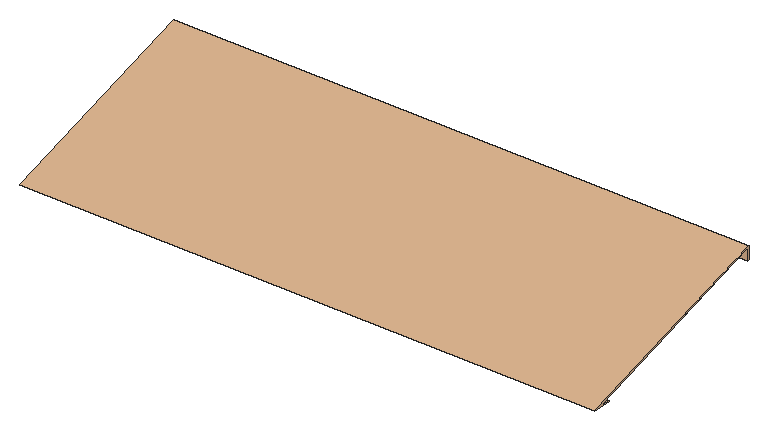
Revit family
Parameters
  Width = 3' - 0"
  Warranty Duration (Years) = 0
  URL = "http://www.asilockers.com/"
  Specification = "http://www.arcat.com/sdspecs/htm/10503asi.htm"
  Send Message = "http://www.arcat.com/users.pl?action=UserEmail&company=ASI%20Storage%20Solutions%20Inc.&coid=42798&rep=139&fax=901-312-6197&mf="
  Sales Information = "http://www.asilockers.com/company.html"
  Revision = "R1_08-2010"
  Product Properties = "http://www.arcat.com/bim/bim_info.pl?fn=ASIStorage"
  Product Data = "http://www.arcat.com/arcatcos/cos42/arc42798.html"
  Model = "As Specified in 10 51 13"
  Finish = "Powder Coated To Match Locker Color"
  Default Elevation = 0' - 0"
  Color [instance] = Paint - Almond #03
  Manufacturer Website = "http://www.asilockers.com/"
  Manufacturer Phone = "901-312-6195 "
  Manufacturer Fax = "901-312-6197"
  Manufacturer Address = "4444 Delp St., Memphis, TN 38118"
  Manufacturer = "ASI Storage Solutions Inc."
  Maintenance Schedule (Months) = 0
  Keynote = "10 51 13"
  Installation-Fabrication = "http://www.asilockers.com/installation-assembly/installation.pdf"
  Installation Phase = ""
  Height = 0' - 4"
  Expected Lifespan (Years) = 0
  Drawn By = "Robert S. Weygant, CSI, CDT, SCIP"
  Description = "As Specified in 10 51 13"
  Depth = 1' - 0"
  Copyright = "2010, ARCAT, Inc"
  Construction Details = "http://www.asilockers.com/installation-assembly/one-page-assembly.pdf"
  Color Chart = "http://www.asilockers.com/color-guide.html"
  Assembly Code = "E2010200"
Reference planes (in)
  plane 1 "Center (Front/Back)": y = -0.76892
  plane 2 "Bottom": z = 0
  plane 3 "Center (Left/Right)": x = -2
  plane 4 "Front": y = -6.76892
  plane 5 "Back": y = 5.23108
  plane 6 "Left": x = -20
  plane 7 "Right": x = 16
  plane 8 "BO Bench": z = 4
Forms (in)
  Extrusion 1, solid, material "Paint - Almond #03" <- "Color"
    sketch origin (-2, 0, 0) x (0, 1, 0) y (0, 0, 1)
      loop
        line (5.23108, 4) -> (-6.76892, 0) -> (-5.65285, 0) -> (-5.65285, 0.0625) -> (-6.38378, 0.0625) -> (5.16858, 3.91329) -> (5.16858, 3.16329) -> (5.23108, 3.16329) -> (5.23108, 4)
    from -18 to 18
Dimensions and locks (in)
  "Width": plane 6 "Left" to plane 7 "Right"
  "Depth": plane 5 "Back" to plane 4 "Front"
  equal spacing: plane 5 "Back", plane 1 "Center (Front/Back)", plane 4 "Front"
  equal spacing: plane 6 "Left", plane 3 "Center (Left/Right)", plane 7 "Right"
  "Height": plane 8 "BO Bench" to level
  aligned and locked: Extrusion 1 to plane 6 "Left"
  aligned and locked: plane 7 "Right" to Extrusion 1
Automatic sketch dimensions
  Extrusion 1 sketch curve to level = 0' - 0"
  Extrusion 1 sketch curve to plane 4 "Front" = 0' - 0"
  Extrusion 1 sketch curve to plane 5 "Back" = 0' - 0"
  Extrusion 1 sketch curve to plane 8 "BO Bench" = 0' - 0"
  level to Extrusion 1 sketch curve = 0' - 0 1/16"
  plane 4 "Front" to Extrusion 1 sketch curve = 0' - 0.38514"
  Extrusion 1 sketch curve to Extrusion 1 sketch curve = 0' - 0.73092"
  Extrusion 1 sketch curve to Extrusion 1 sketch curve = 0' - 0 1/16"
  Extrusion 1 sketch curve to plane 8 "BO Bench" = 0' - 0.83671"
  Extrusion 1 sketch curve to plane 8 "BO Bench" = 0' - 0.08671"
